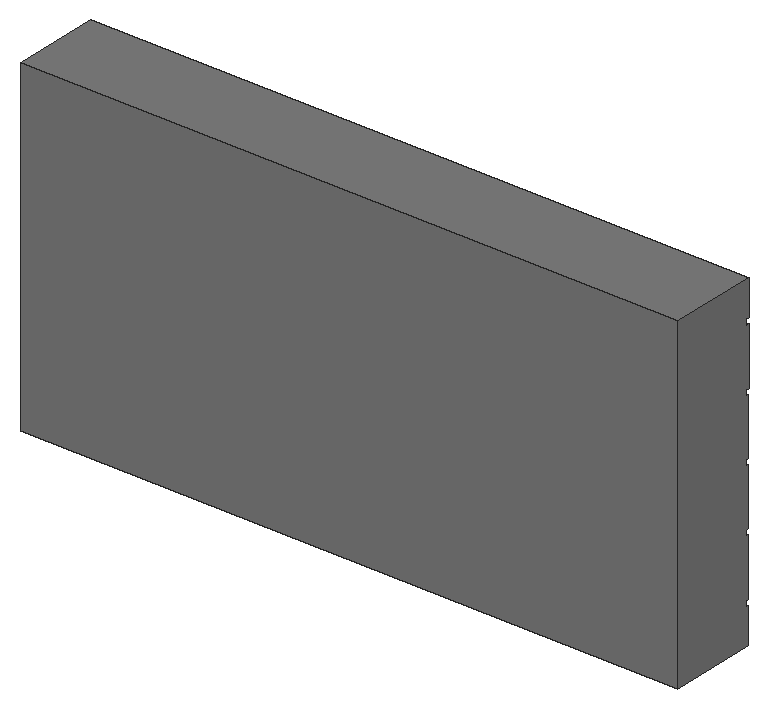
Revit family "Etixx31_ep160_R5-15", category Equipement spécialisé, Revit 2016
Family settings
  Type d'élément = Normal
  Cote de connecteur circulaire = Utiliser le diamètre
  Basée sur le plan de construction = Non
  Toujours verticalement = Oui
  Couper avec des vides une fois chargée = Non
  Partagée = Non
  Point de calcul de pièce = Non
Parameters (values of type "Etixx31_ep160_R5-15")
  Visibilité [instance] = yes
  URL = "https://www.isobox-isolation.fr/sites/default/files/produit_documents/plaquette_etixx_31_37juin2018_0.pdf"
  Transmission de la vapeur d’eau (μ) = "20-40"  # constant formula
  Résistance thermique = 5.1500 (m²·K)/W  # constant formula
  Modèle = "ep : 160mm"  # constant formula
  Matériaux = Isolant PSE Etixx 31
  Longueur [instance] = 1200.00 mm
  Largeur [instance] = 600.00 mm
  Image du type = Etixx31.jpg
  Fabricant = "Isobox"  # constant formula
  Epaisseur = 160.00 mm  # constant formula
  Empreinte carbone (Kg eq CO²/m²) = 10.42  # constant formula
  Description = "Etixx31 épaisseur 160"  # constant formula
  Coût = 0  # constant formula
  Conductivité thermique = 0.0310 W/(m·K)  # constant formula
Reference planes
  plane 1 "Centre (avant/arrière)": z = 0
  plane 2: y = 655.866
  plane 3 "Centre (gauche/droite)": x = 298.55
  plane 4 "Extérieur": y = 495.866
  plane 5: x = -901.45
  plane 6: z = 600
Forms (mm)
  Extrusion 1, solid, material "Isolant PSE Etixx 31" <- "Matériaux"
    sketch origin (0, 655.866, 600) x (0, 0, 1) y (-1, 0, 0)
      loop
        line (-600, 901.45) -> (-600, -298.55) -> (0, -298.55) -> (0, 901.45) -> (-600, 901.45)
    from 0 to 160
  Extrusion 2, void
    sketch origin (2.901, 655.866, 520) x (0, 0, 1) y (-1, 0, 0)
      loop
        line (-455, 904.351) -> (-455, -295.649) -> (-445, -295.649) -> (-445, 904.351) -> (-455, 904.351)
      loop
        line (-340, 904.351) -> (-340, -295.649) -> (-330, -295.649) -> (-330, 904.351) -> (-340, 904.351)
      loop
        line (-225, 904.351) -> (-225, -295.649) -> (-215, -295.649) -> (-215, 904.351) -> (-225, 904.351)
      loop
        line (-110, 904.351) -> (-110, -295.649) -> (-100, -295.649) -> (-100, 904.351) -> (-110, 904.351)
      loop
        line (5, 904.351) -> (5, -295.649) -> (15, -295.649) -> (15, 904.351) -> (5, 904.351)
    from 0 to 5
Cuts and joins
  Extrusion 2 cuts Extrusion 1
Dimensions and locks
  "Epaisseur": plane 4 "Extérieur" to plane 2
  "Longueur": plane 5 to plane 3 "Centre (gauche/droite)"
  "Largeur": plane 6 to level
  aligned and locked: plane 4 "Extérieur" to cut or joined group of Extrusion 1, Extrusion 2
  aligned and locked: plane 1 "Centre (avant/arrière)" to cut or joined group of Extrusion 1, Extrusion 2
  aligned and locked: plane 5 to Extrusion 1
  aligned and locked: plane 6 to cut or joined group of Extrusion 1, Extrusion 2
  aligned and locked: Extrusion 1 to Extrusion 2  (x9)
  aligned and locked: plane 3 "Centre (gauche/droite)" to Extrusion 2
Automatic sketch dimensions
  Extrusion 1 sketch curve to level = 0.00 mm
  Extrusion 1 sketch curve to plane 3 "Centre (gauche/droite)" = 0.00 mm
  level to Extrusion 1 sketch curve = 600.00 mm
  Extrusion 1 sketch curve to Extrusion 1 sketch curve = 1200.00 mm
  plane 3 "Centre (gauche/droite)" to Extrusion 2 sketch curve = 0.00 mm  (x5)
  level to Extrusion 2 sketch curve = 65.00 mm
  Extrusion 2 sketch curve to Extrusion 2 sketch curve = 10.00 mm  (x5)
  Extrusion 2 sketch curve to Extrusion 2 sketch curve = 105.00 mm  (x4)
  Extrusion 2 sketch curve to Extrusion 2 sketch curve = 1200.00 mm
  Extrusion 2 sketch curve to Extrusion 2 sketch curve = 0.00 mm  (x4)
